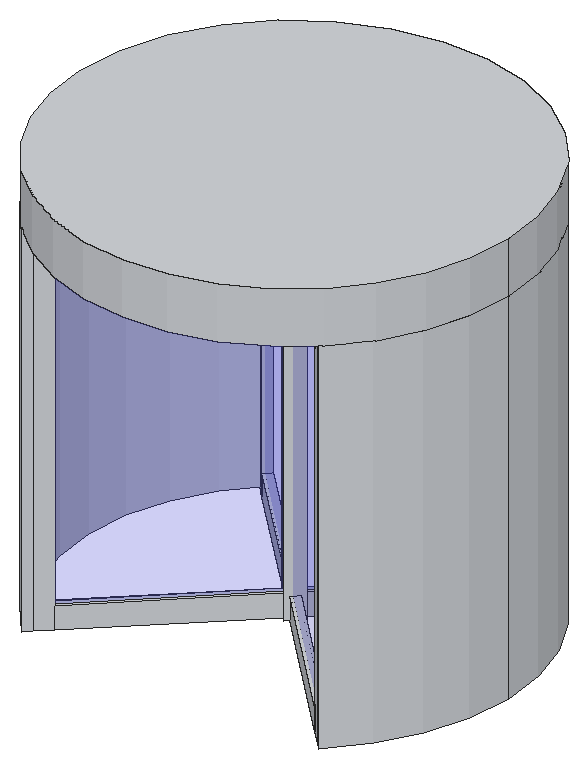
Revit family "АВЛН_Вращающася дврь", category Двери, Revit 2019
Family settings
  Основа = Стена
  Всегда вертикально = Да
  При загрузке вырезать с полостями = Нет
  Общий = Нет
  Точка расчета площади = Нет
Parameters (values of type "d=2500x2400(h)")
  Функция = Внутренние слои
  Материал Панели = none
  Height = 2400 mm
  Глубина панели = 300 mm
  Замыкание стены = По основе
  Width = 2500 mm
  Материал стекло = none
  Рама материал = none
Reference planes
  plane 1: y = 0
  plane 2: z = 0
  plane 3 "Center": x = 0
  plane 4 "Left": x = -1250
  plane 5 "Right": x = 1250
  plane 6 "Top": z = 2400
  plane 7: through (0, 0, 0) normal (0.7071, 0.7071, 0)
  plane 8: through (0, 0, 0) normal (0.7071, -0.7071, 0)
  plane 9: through (17.961, 17.961, 0) normal (0.7071, 0.7071, 0)
  plane 10: through (-17.961, -17.961, 0) normal (0.7071, 0.7071, 0)
  plane 11: through (17.961, -17.961, 0) normal (0.7071, -0.7071, 0)
  plane 12: through (-17.961, 17.961, 0) normal (0.7071, -0.7071, 0)
  plane 13: z = 2100
Forms (mm)
  Extrusion 1, solid, material <- "Рама материал", detail levels medium+fine
    sketch origin (0, 0, 0) x (1, 0, 0) y (0, 1, 0)
      loop
        line (-829.812, 865.733) -> (-866.657, 900.78)
        arc (-866.657, 900.78) -> (-1150.179, 489.478) -> (-1250, 0) r 1250
        arc (-1250, 0) -> (-1149.692, -490.62) -> (-864.867, -902.499) r 1250
        line (-864.867, -902.499) -> (-829.812, -865.733)
        arc (-829.812, -865.733) -> (-1199.2, 0) -> (-829.812, 865.733) r 1199.2
      loop
        arc (829.809, 865.73) -> (1102.99, 470.621) -> (1199.196, 0) r 1199.196
        arc (1199.196, 0) -> (1102.99, -470.621) -> (829.809, -865.73) r 1199.196
        line (829.809, -865.73) -> (866.657, -900.78)
        arc (866.657, -900.78) -> (1150.179, -489.478) -> (1250, 0) r 1250
        arc (1250, 0) -> (1149.929, 490.063) -> (865.74, 901.661) r 1250
        line (865.74, 901.661) -> (829.809, 865.73)
    from 0 to 2100
  Extrusion 2, solid, detail levels medium+fine
    sketch origin (0, 0, 0) x (1, 0, 0) y (0, 1, 0)
      loop
        line (-71.842, 0) -> (0, -71.842) -> (71.842, 0) -> (0, 71.842) -> (-71.842, 0)
    from 0 to 2100
  Extrusion 3, solid, material <- "Рама материал"
    sketch origin (0, 0, 2100) x (1, 0, 0) y (0, 1, 0)
      loop
        circle (0, 0) r 1250
    from 0 to 300
  Extrusion 4, solid
    sketch origin (0, 0, 0) x (1, 0, 0) y (0, 1, 0)
      loop
        line (-865.73, -829.809) -> (-829.809, -865.73) -> (-757.967, -793.888) -> (-793.888, -757.967) -> (-865.73, -829.809)
      loop
        line (-865.73, 829.809) -> (-793.888, 757.967) -> (-757.967, 793.888) -> (-829.809, 865.73) -> (-865.73, 829.809)
      loop
        line (757.967, 793.888) -> (793.888, 757.967) -> (865.73, 829.809) -> (829.809, 865.73) -> (757.967, 793.888)
      loop
        line (757.967, -793.888) -> (829.809, -865.73) -> (865.73, -829.809) -> (793.888, -757.967) -> (757.967, -793.888)
    from 0 to 2100
  Extrusion 5, solid, material <- "Материал Панели"
    sketch origin (0, 0, 0) x (1, 0, 0) y (0, 1, 0)
      loop
        line (-793.888, 757.967) -> (-53.882, 17.961) -> (-17.961, 53.882) -> (-757.967, 793.888) -> (-793.888, 757.967)
      loop
        line (17.961, 53.882) -> (53.882, 17.961) -> (793.888, 757.967) -> (757.967, 793.888) -> (17.961, 53.882)
      loop
        line (17.961, -53.882) -> (757.967, -793.888) -> (793.888, -757.967) -> (53.882, -17.961) -> (17.961, -53.882)
      loop
        line (-53.882, -17.961) -> (-793.888, -757.967) -> (-757.967, -793.888) -> (-17.961, -53.882) -> (-53.882, -17.961)
    from 0 to 127
  Extrusion 6, solid, material <- "Материал Панели"
    sketch origin (0, 0, 0) x (1, 0, 0) y (0, 1, 0)
      loop
        line (-53.882, -17.961) -> (-793.888, -757.967) -> (-757.967, -793.888) -> (-17.961, -53.882) -> (-53.882, -17.961)
      loop
        line (-793.888, 757.967) -> (-53.882, 17.961) -> (-17.961, 53.882) -> (-757.967, 793.888) -> (-793.888, 757.967)
      loop
        line (757.967, 793.888) -> (17.961, 53.882) -> (53.882, 17.961) -> (793.888, 757.967) -> (757.967, 793.888)
      loop
        line (793.888, -757.967) -> (53.882, -17.961) -> (17.961, -53.882) -> (757.967, -793.888) -> (793.888, -757.967)
    from 1998.4 to 2133.6
  Extrusion 7, solid, material <- "Материал стекло"
    sketch origin (0, 0, 0) x (1, 0, 0) y (0, 1, 0)
      loop
        line (-784.805, -767.049) -> (-766.947, -784.907) -> (-26.941, -44.901) -> (-44.799, -27.043) -> (-784.805, -767.049)
      loop
        line (784.805, -767.049) -> (44.799, -27.043) -> (26.941, -44.901) -> (766.947, -784.907) -> (784.805, -767.049)
      loop
        line (784.805, 767.049) -> (766.947, 784.907) -> (26.941, 44.901) -> (44.799, 27.043) -> (784.805, 767.049)
      loop
        line (-784.805, 767.049) -> (-44.799, 27.043) -> (-26.941, 44.901) -> (-766.947, 784.907) -> (-784.805, 767.049)
    from 127 to 1998.4
Lines and regions (mm)
  Opening 1
    outline origin (-2286, -76.2, 0) x (1, 0, 0) y (0, 0, 1)
      loop
        line (1036, 0) -> (3536, 0) -> (3536, 2400) -> (1036, 2400) -> (1036, 0)
  symbolic lines, style "Plan Swing"
    curve 1: arc (1250, 0, 0) -> (0, 1250, 0) -> (-1250, 0, 0) r 1250
    curve 2: arc (-1250, 0, 0) -> (0, -1250, 0) -> (1250, 0, 0) r 1250
    curve 3: arc (1199.196, 0, 0) -> (0, 1199.196, 0) -> (-1199.196, 0, 0) r 1199.196
    curve 4: arc (-1199.196, 0, 0) -> (0, -1199.196, 0) -> (1199.196, 0, 0) r 1199.196
    curve 48: arc (-322.559, 552.771, 0) -> (14.348, 639.839, 0) -> (347.013, 537.756, 0) r 640
    curve 49: line (347.013, 537.756, 0) -> (243.029, 552.328, 0)
    curve 50: line (347.013, 537.756, 0) -> (291.475, 614.831, 0)
  symbolic lines, style "DoorsPanelProjection"
    curve 5: line (-71.842, 0, 0) -> (0, 71.842, 0)
    curve 6: line (71.842, 0, 0) -> (0, -71.842, 0)
    curve 7: line (0, 71.842, 0) -> (71.842, 0, 0)
    curve 8: line (-71.842, 0, 0) -> (0, -71.842, 0)
    curve 9: line (-865.73, 829.809, 0) -> (-829.809, 865.73, 0)
    curve 10: line (-865.73, 829.809, 0) -> (-793.888, 757.967, 0)
    curve 11: line (-829.809, 865.73, 0) -> (-757.967, 793.888, 0)
    curve 12: line (-793.888, 757.967, 0) -> (-757.967, 793.888, 0)
    curve 14: line (-865.73, -829.809, 0) -> (-793.888, -757.967, 0)
    curve 15: line (-829.809, -865.73, 0) -> (-757.967, -793.888, 0)
    curve 16: line (-865.73, -829.809, 0) -> (-829.809, -865.73, 0)
    curve 17: line (-793.888, -757.967, 0) -> (-757.967, -793.888, 0)
    curve 19: line (829.809, 865.73, 0) -> (865.73, 829.809, 0)
    curve 20: line (829.809, 865.73, 0) -> (757.967, 793.888, 0)
    curve 21: line (865.73, 829.809, 0) -> (793.888, 757.967, 0)
    curve 22: line (757.967, 793.888, 0) -> (793.888, 757.967, 0)
    curve 24: line (829.809, -865.73, 0) -> (865.73, -829.809, 0)
    curve 25: line (829.809, -865.73, 0) -> (757.967, -793.888, 0)
    curve 26: line (865.73, -829.809, 0) -> (793.888, -757.967, 0)
    curve 27: line (757.967, -793.888, 0) -> (793.888, -757.967, 0)
    curve 33: arc (-829.809, -865.73, 0) -> (-1199.196, 0, 0) -> (-829.809, 865.73, 0) r 1199.196
    curve 34: line (-829.809, 865.73, 0) -> (-866.657, 900.78, 0)
    curve 35: line (-864.867, -902.499, 0) -> (-829.809, -865.73, 0)
    curve 36: arc (1199.196, 0, 0) -> (1102.99, -470.621, 0) -> (829.809, -865.73, 0) r 1199.196
    curve 37: arc (829.809, 865.73, 0) -> (1102.99, 470.621, 0) -> (1199.196, 0, 0) r 1199.196
    curve 38: line (829.809, -865.73, 0) -> (866.657, -900.78, 0)
    curve 39: line (865.74, 901.661, 0) -> (829.809, 865.73, 0)
    curve 40: arc (-865.74, 901.661, 0) -> (-1149.929, 490.063, 0) -> (-1250, 0, 0) r 1250
    curve 41: arc (-1250, 0, 0) -> (-1149.692, -490.62, 0) -> (-864.867, -902.499, 0) r 1250
    curve 42: arc (1250, 0, 0) -> (1149.929, 490.063, 0) -> (865.74, 901.661, 0) r 1250
    curve 43: arc (864.229, -903.11, 0) -> (1149.519, -491.026, 0) -> (1250, 0, 0) r 1250
  symbolic lines, style "DoorsGlassProjection"
    curve 13: line (-775.927, 775.927, 0) -> (-35.921, 35.921, 0)
    curve 18: line (-775.927, -775.927, 0) -> (-35.921, -35.921, 0)
    curve 23: line (35.921, 35.921, 0) -> (775.927, 775.927, 0)
    curve 28: line (35.921, -35.921, 0) -> (775.927, -775.927, 0)
  symbolic lines
    curve 29: line (-829.809, 865.73, 0) -> (-865.74, 901.661, 0)
    curve 30: line (-829.809, -865.73, 0) -> (-865.74, -901.661, 0)
    curve 31: line (829.809, -865.73, 0) -> (864.229, -903.11, 0)
    curve 32: line (829.809, 865.73, 0) -> (865.74, 901.661, 0)
  symbolic lines, style "Plan Swing", detail levels coarse
    curve 44: arc (1250, 0, 0) -> (0, 1250, 0) -> (-1250, 0, 0) r 1250
    curve 45: arc (-1250, 0, 0) -> (0, -1250, 0) -> (1250, 0, 0) r 1250
  symbolic lines, detail levels coarse
    curve 46: line (-883.883, -883.883, 0) -> (883.883, 883.883, 0)
    curve 47: line (883.883, -883.883, 0) -> (-883.883, 883.883, 0)
Text (mm)
  text "Exterior" at (-1490.41, 693.701, 0), in view "Floor Line"
  text "Interior" at (-1482.03, -638.649, 0), in view "Floor Line"
  text "Exterior" at (0, 1019.848, 3124.603), in view "Right"
  text "Interior" at (0, -1635.541, 3124.603), in view "Right"
  text "Interior" at (0, -787.806, 3124.376), in view "Left"
  text "Exterior" at (0, 1386.095, 3124.376), in view "Left"
Dimensions and locks
  equal spacing: plane 4 "Left", plane 3 "Center", plane 5 "Right"
  "Height": plane 2 to plane 6 "Top"
  "Width": plane 4 "Left" to plane 5 "Right"
  host wall to plane 6 "Top" = 2400 mm
  curve 12 to curve 9 = 101.6 mm
  locked: curve 16 to curve 17 at 101.6
  locked: curve 22 to curve 19 at 101.6
  locked: curve 24 to curve 27 at 101.6
  locked: Extrusion 1 sketch curve to Extrusion 1 sketch curve at 50.8
  "Глубина панели": plane 13 to plane 6 "Top"
  locked: Extrusion 5 to level at 127
  locked: plane 13 to Extrusion 6 at 101.6
  angle plane 7 to plane 1 = 45.00°
  aligned and locked: plane 4 "Left" to Opening 1 sketch curve
  aligned and locked: plane 6 "Top" to Opening 1 sketch curve  (x2)
  aligned and locked: Opening 1 sketch curve to plane 5 "Right"
  aligned and locked: Opening 1 sketch curve to level
  aligned and locked: plane 8 to curve 18
  aligned and locked: plane 8 to curve 23
  aligned and locked: Extrusion 1 to Extrusion 2
  aligned and locked: plane 13 to Extrusion 1
  aligned and locked: Extrusion 3 to host wall
  aligned and locked: Extrusion 1 to Extrusion 4
  aligned and locked: Extrusion 4 sketch curve to curve 9
  aligned and locked: Extrusion 4 sketch curve to curve 10
  aligned and locked: Extrusion 4 sketch curve to curve 20
  aligned and locked: Extrusion 4 sketch curve to curve 19
  aligned and locked: Extrusion 4 sketch curve to curve 25
  aligned and locked: Extrusion 4 sketch curve to curve 24
  aligned and locked: Extrusion 4 sketch curve to curve 14  (x2)
  aligned and locked: Extrusion 2 to Extrusion 5 sketch curve  (x4)
  aligned and locked: Extrusion 5 sketch curve to Extrusion 4  (x3)
  aligned and locked: Extrusion 5 sketch curve to curve 25
  aligned and locked: Extrusion 6 sketch curve to Extrusion 4  (x4)
  aligned and locked: Extrusion 6 sketch curve to Extrusion 2  (x3)
  aligned and locked: Extrusion 2 to Extrusion 6 sketch curve
  aligned and locked: Extrusion 4 to Extrusion 7 sketch curve  (x2)
  aligned and locked: Extrusion 7 sketch curve to Extrusion 2  (x2)
  aligned and locked: Extrusion 7 sketch curve to Extrusion 4  (x2)
  aligned and locked: Extrusion 2 to Extrusion 7 sketch curve  (x2)
  aligned and locked: Extrusion 7 to Extrusion 6
  aligned and locked: Extrusion 7 to Extrusion 5
  aligned and locked: curve 36 to Extrusion 1
  aligned and locked: curve 37 to Extrusion 1
  aligned and locked: curve 38 to Extrusion 1
  aligned and locked: curve 40 to Extrusion 3
  aligned and locked: curve 41 to Extrusion 3
  aligned and locked: curve 42 to Extrusion 3
  aligned and locked: curve 43 to Extrusion 3
  aligned and locked: plane 7 to curve 47
Automatic sketch dimensions
  Extrusion 1 sketch curve to plane 1 = 0 mm  (x4)
  Extrusion 1 sketch curve to plane 4 "Left" = 0 mm
  Extrusion 1 sketch curve to plane 11 = 0 mm
  Extrusion 1 sketch curve to plane 9 = 0 mm
  Extrusion 1 sketch curve to plane 3 "Center" = 0 mm  (x7)
  Extrusion 1 sketch curve to plane 12 = 0 mm  (x2)
  Extrusion 1 sketch curve to plane 10 = 0 mm
  Extrusion 1 sketch curve to plane 5 "Right" = 0 mm
  Extrusion 1 sketch curve to plane 9 = 1.272 mm
  plane 11 to Extrusion 1 sketch curve = 1.21 mm
  Extrusion 1 sketch curve to Extrusion 1 sketch curve = 35.932 mm
  plane 10 to Extrusion 1 sketch curve = 1.272 mm
  Extrusion 2 sketch curve to plane 1 = 0 mm  (x2)
  Extrusion 2 sketch curve to plane 3 "Center" = 0 mm  (x2)
  Extrusion 2 sketch curve to plane 3 "Center" = 71.842 mm
  Extrusion 3 sketch curve to plane 1 = 0 mm
  Extrusion 3 sketch curve to plane 4 "Left" = 0 mm
  Extrusion 3 sketch curve to plane 3 "Center" = 0 mm
  Extrusion 4 sketch curve to plane 10 = 0 mm  (x2)
  Extrusion 4 sketch curve to plane 12 = 0 mm  (x3)
  Extrusion 4 sketch curve to plane 9 = 0 mm  (x2)
  Extrusion 4 sketch curve to plane 11 = 0 mm  (x2)
  Extrusion 5 sketch curve to plane 12 = 0 mm  (x2)
  Extrusion 5 sketch curve to plane 10 = 0 mm  (x2)
  Extrusion 5 sketch curve to plane 9 = 0 mm  (x2)
  Extrusion 5 sketch curve to plane 11 = 0 mm  (x2)
  Extrusion 6 sketch curve to plane 12 = 0 mm  (x2)
  Extrusion 6 sketch curve to plane 10 = 0 mm  (x2)
  Extrusion 6 sketch curve to plane 9 = 0 mm  (x2)
  Extrusion 6 sketch curve to plane 11 = 0 mm  (x2)
  Extrusion 7 sketch curve to plane 7 = 12.556 mm
  Extrusion 7 sketch curve to plane 8 = 12.556 mm
  plane 8 to Extrusion 7 sketch curve = 12.7 mm
  plane 7 to Extrusion 7 sketch curve = 12.7 mm
  plane 1 to Extrusion 7 sketch curve = 44.901 mm
  Extrusion 7 sketch curve to plane 1 = 44.901 mm
  Extrusion 7 sketch curve to plane 1 = 27.043 mm
  plane 1 to Extrusion 7 sketch curve = 27.043 mm
  curve 44 to host wall = 0 mm
  curve 44 to plane 4 "Left" = 0 mm
  curve 1 to host wall = 0 mm
  curve 1 to plane 4 "Left" = 0 mm
  curve 3 to host wall = 0 mm
  curve 46 to plane 8 = 0 mm  (x2)
  curve 30 to plane 11 = 0 mm
  curve 40 to plane 9 = 0 mm
  curve 14 to plane 12 = 0 mm
  curve 9 to plane 10 = 0 mm
  curve 35 to plane 11 = 0 mm
  curve 33 to plane 9 = 0 mm
  curve 11 to plane 9 = 0 mm
  curve 13 to plane 7 = 0 mm
  curve 8 to host wall = 0 mm
  curve 48 to host wall = 0 mm
  curve 48 to plane 3 "Center" = 0 mm
  curve 6 to plane 3 "Center" = 0 mm
  curve 7 to plane 3 "Center" = 0 mm
  curve 45 to plane 3 "Center" = 0 mm
  curve 2 to plane 3 "Center" = 0 mm
  curve 33 to host wall = 0 mm
  curve 33 to plane 3 "Center" = 0 mm
  curve 28 to plane 7 = 0 mm
  curve 27 to plane 10 = 0 mm
  curve 20 to plane 12 = 0 mm
  curve 37 to plane 12 = 0 mm
  curve 31 to plane 10 = 0 mm
  curve 32 to plane 12 = 0 mm
  curve 42 to plane 12 = 0 mm
  curve 34 to plane 9 = 1.272 mm
  plane 11 to curve 41 = 1.21 mm
  curve 35 to curve 15 = 0 mm
  curve 33 to curve 35 = 0 mm
  plane 9 to curve 48 = 137.385 mm
  curve 48 to plane 3 "Center" = 322.559 mm
  curve 8 to plane 10 = 25.4 mm
  plane 3 "Center" to curve 49 = 243.029 mm
  curve 49 to curve 50 = 48.445 mm
  curve 49 to plane 12 = 109.476 mm
  curve 31 to plane 10 = 2.093 mm
  curve 49 to plane 12 = 193.308 mm
  curve 50 to plane 12 = 203.247 mm
